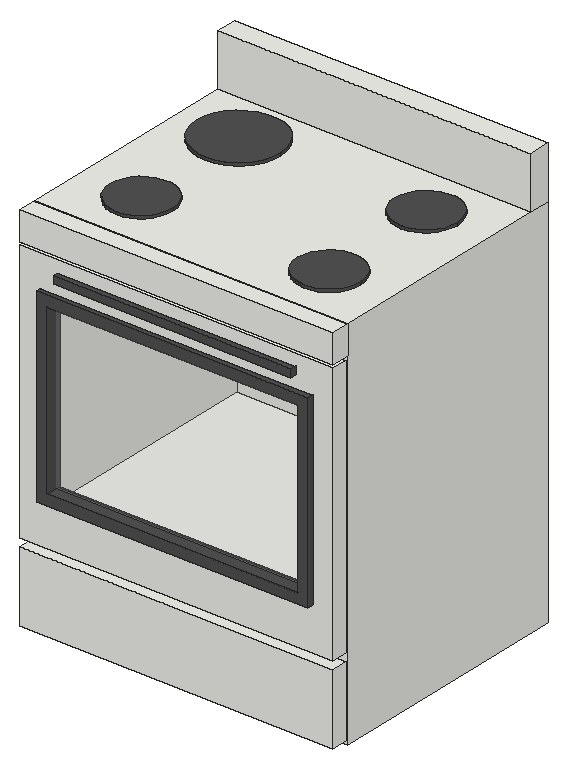
Revit family "Oven", category Specialty Equipment, Revit 2016
Family settings
  Part Type = Normal
  Round Connector Dimension = Use Diameter
  Work Plane-Based = No
  Always vertical = Yes
  Cut with Voids When Loaded = No
  Shared = Yes
  Room Calculation Point = No
Parameters (values of type "760 x 650mm")
  Burner Material = Metal - Chrome
  Depth = 650.00 mm
  Range Material = Metal - Painted Finish - Ivory, Matte
  Width = 760.00 mm
Types (2, lengths in mm): name | Depth | Width
  610 x 610mm | 600.00 | 900.00
  760 x 650mm | 650.00 | 760.00
Reference planes
  plane 1: y = 0
  plane 2: z = 0
  plane 3: x = 0
  plane 4: y = 177.8
  plane 5: y = 472.2
  plane 6 "Top": z = 914.4
  plane 7: x = 607.6
  plane 8: x = 152.4
  plane 9: x = 760
  plane 10: y = 650
  plane 11: x = 380
  plane 12: z = 762
  plane 13: z = 304.8
  plane 14: x = 50.8
  plane 15: x = 709.2
  plane 16: y = 45
Forms (mm)
  Extrusion 1, solid, material "Metal - Painted Finish - Ivory, Matte" <- "Range Material"
    sketch origin (609.6, 0, 914.4) x (0, 0, -1) y (0, 1, 0)
      loop
        line (0, 650) -> (-127, 650) -> (-127, 599.2) -> (0, 599.2) -> (0, 650)
    from 150.4 to -609.6
  Extrusion 2, solid, material "Metal - Painted Finish - Ivory, Matte" <- "Range Material"
    sketch origin (0, 650, 0) x (-1, 0, 0) y (0, 0, 1)
      loop
        line (0, 914.4) -> (-760, 914.4) -> (-760, 0) -> (0, 0) -> (0, 914.4)
      loop
        line (-25.4, 889.222) -> (-734.6, 889.222) -> (-734.6, 254) -> (-25.4, 254) -> (-25.4, 889.222)
    from 0 to -605
  Extrusion 3, solid, material "Metal - Painted Finish - Ivory, Matte" <- "Range Material"
    sketch origin (0, 0, 0) x (1, 0, 0) y (0, 0, 1)
      loop
        line (0, 838.422) -> (0, 203.2) -> (760, 203.2) -> (760, 838.422) -> (0, 838.422)
      loop
        line (50.8, 762) -> (50.8, 304.8) -> (709.2, 304.8) -> (709.2, 762) -> (50.8, 762)
      loop
        line (0, 184.15) -> (0, 12.7) -> (760, 12.7) -> (760, 184.15) -> (0, 184.15)
    from 0 to -38.1
  Extrusion 4, solid, material "Metal - Painted Finish - Ivory, Matte"
    sketch origin (0, 650, 0) x (-1, 0, 0) y (0, 0, 1)
      loop
        line (-734.6, 889.222) -> (-734.6, 254) -> (-25.4, 254) -> (-25.4, 889.222) -> (-734.6, 889.222)
    from 0 to -25.4
  Extrusion 5, solid, material "Metal - Chrome" <- "Burner Material"
    sketch origin (0, 0, 914.4) x (1, 0, 0) y (0, -1, 0)
      loop
        circle (152.4, -472.2) r 101.6
      loop
        circle (607.6, -472.2) r 76.2
      loop
        circle (607.6, -177.8) r 76.2
      loop
        circle (152.4, -177.8) r 76.2
    from 0 to -6.35
  Extrusion 6, solid, material "Metal - Chrome" <- "Burner Material"
    sketch origin (0, 0, 0) x (1, 0, 0) y (0, 0, 1)
      loop
        line (50.8, 762) -> (50.8, 304.8) -> (709.2, 304.8) -> (709.2, 762) -> (50.8, 762)
      loop
        line (76.2, 736.6) -> (76.2, 330.2) -> (683.8, 330.2) -> (683.8, 736.6) -> (76.2, 736.6)
    from -25.4 to 12.7
  Extrusion 7, solid, material "Metal - Painted Finish - Ivory, Matte" <- "Range Material"
    sketch origin (0, 0, 0) x (1, 0, 0) y (0, 0, 1)
      loop
        line (0, 914.4) -> (0, 844.772) -> (760, 844.772) -> (760, 914.4) -> (0, 914.4)
    from 0 to -45
  Extrusion 8, solid, material "Glass"
    sketch origin (0, 0, 0) x (1, 0, 0) y (0, 0, 1)
      loop
        line (76.2, 736.6) -> (76.2, 330.2) -> (683.8, 330.2) -> (683.8, 736.6) -> (76.2, 736.6)
    from -12.7 to -19.05
  Extrusion 9, solid, material "Metal - Chrome" <- "Burner Material"
    sketch origin (0, 0, 0) x (1, 0, 0) y (0, 0, 1)
      loop
        line (91.687, 810.327) -> (91.687, 791.277) -> (667.925, 791.277) -> (667.925, 810.327) -> (91.687, 810.327)
    from 0 to 12.7
Lines and regions (mm)
  Masking region 1
    outline origin (0, 0, 0) x (1, 0, 0) y (0, 1, 0)
      loop
        line (0, 0) -> (760, 0) -> (760, 650) -> (0, 650) -> (0, 0)
  symbolic lines, style "SpecialityEquipment"
    curve 1: arc (254, 472.2, 0) -> (152.4, 573.8, 0) -> (50.8, 472.2, 0) r 101.6
    curve 2: arc (50.8, 472.2, 0) -> (152.4, 370.6, 0) -> (254, 472.2, 0) r 101.6
    curve 3: arc (228.6, 177.8, 0) -> (152.4, 254, 0) -> (76.2, 177.8, 0) r 76.2
    curve 4: arc (76.2, 177.8, 0) -> (152.4, 101.6, 0) -> (228.6, 177.8, 0) r 76.2
    curve 5: arc (683.8, 177.8, 0) -> (607.6, 254, 0) -> (531.4, 177.8, 0) r 76.2
    curve 6: arc (531.4, 177.8, 0) -> (607.6, 101.6, 0) -> (683.8, 177.8, 0) r 76.2
    curve 7: arc (683.8, 472.2, 0) -> (607.6, 548.4, 0) -> (531.4, 472.2, 0) r 76.2
    curve 8: arc (531.4, 472.2, 0) -> (607.6, 396, 0) -> (683.8, 472.2, 0) r 76.2
  model lines
    curve 9: line (50.8, 0, 762) -> (709.2, 0, 762)
    curve 10: line (50.8, 0, 762) -> (50.8, 0, 304.8)
    curve 11: line (50.8, 0, 304.8) -> (709.2, 0, 304.8)
    curve 12: line (709.2, 0, 762) -> (709.2, 0, 304.8)
  symbolic lines
    curve 13: line (0, 599.2, 0) -> (760, 599.2, 0)
Dimensions and locks
  "Depth": plane 10 to plane 1
  "Width": plane 9 to plane 3
  plane 8 to plane 3 = 152.40 mm
  plane 9 to plane 7 = 152.40 mm
  plane 10 to plane 5 = 177.80 mm
  plane 4 to plane 1 = 177.80 mm
  equal spacing: plane 3, plane 11, plane 9
  plane 14 to plane 3 = 50.80 mm
  plane 15 to plane 9 = 50.80 mm
  plane 12 to plane 13 = 457.20 mm
  plane 6 "Top" to plane 12 = 152.40 mm
  locked: plane 1 to plane 16 at 45
  aligned and locked: Extrusion 1 to plane 3
  aligned and locked: plane 14 to curve 9
  aligned and locked: plane 12 to curve 9
  aligned and locked: plane 13 to curve 12
  aligned and locked: plane 15 to curve 12
  aligned and locked: Extrusion 2 to Extrusion 7
  aligned and locked: plane 9 to Extrusion 1
  aligned and locked: plane 16 to Extrusion 7
Automatic sketch dimensions
  plane 3 to curve 1 = 50.80 mm
  curve 1 to plane 5 = 0.00 mm
  curve 3 to plane 4 = 0.00 mm
  curve 5 to plane 4 = 0.00 mm
  curve 7 to plane 5 = 0.00 mm
  plane 3 to curve 3 = 76.20 mm
  plane 3 to curve 3 = 228.60 mm
  plane 3 to curve 2 = 254.00 mm
  curve 6 to plane 7 = 0.00 mm
  curve 5 to curve 5 = 76.20 mm
  curve 7 to plane 7 = 76.20 mm
  curve 8 to plane 7 = 0.00 mm
  Extrusion 1 sketch curve to plane 10 = 50.80 mm
  Extrusion 1 sketch curve to plane 6 "Top" = 127.00 mm
  Extrusion 1 sketch curve to plane 6 "Top" = 0.00 mm
  Extrusion 1 sketch curve to plane 10 = 0.00 mm
  Extrusion 4 sketch curve to plane 9 = 25.40 mm
  plane 3 to Extrusion 4 sketch curve = 25.40 mm
  plane 13 to Extrusion 4 sketch curve = 50.80 mm
  plane 6 "Top" to Extrusion 4 sketch curve = 25.178 mm
  Extrusion 2 sketch curve to plane 6 "Top" = 0.00 mm
  Extrusion 2 sketch curve to plane 9 = 0.00 mm
  Extrusion 2 sketch curve to level = 0.00 mm
  Extrusion 2 sketch curve to plane 3 = 0.00 mm
  Extrusion 2 sketch curve to plane 9 = 25.40 mm
  plane 3 to Extrusion 2 sketch curve = 25.40 mm
  plane 13 to Extrusion 2 sketch curve = 50.80 mm
  plane 6 "Top" to Extrusion 2 sketch curve = 25.178 mm
  Extrusion 5 sketch curve to plane 4 = 0.00 mm  (x2)
  Extrusion 5 sketch curve to plane 5 = 0.00 mm  (x2)
  Extrusion 5 sketch curve to plane 8 = 0.00 mm  (x2)
  Extrusion 5 sketch curve to plane 7 = 0.00 mm  (x2)
  Extrusion 5 sketch curve to plane 14 = 25.40 mm
  plane 14 to Extrusion 5 sketch curve = 0.00 mm
  Extrusion 5 sketch curve to plane 7 = 76.20 mm  (x2)
  Extrusion 6 sketch curve to plane 12 = 0.00 mm
  Extrusion 6 sketch curve to plane 14 = 0.00 mm
  Extrusion 6 sketch curve to plane 13 = 0.00 mm
  Extrusion 6 sketch curve to plane 15 = 0.00 mm
  Extrusion 6 sketch curve to plane 14 = 25.40 mm
  plane 15 to Extrusion 6 sketch curve = 25.40 mm
  Extrusion 6 sketch curve to plane 13 = 25.40 mm
  plane 12 to Extrusion 6 sketch curve = 25.40 mm
  Extrusion 3 sketch curve to plane 3 = 0.00 mm  (x2)
  Extrusion 3 sketch curve to plane 12 = 0.00 mm
  Extrusion 3 sketch curve to plane 14 = 0.00 mm
  Extrusion 3 sketch curve to plane 15 = 0.00 mm
  Extrusion 3 sketch curve to plane 9 = 0.00 mm  (x2)
  Extrusion 3 sketch curve to plane 13 = 0.00 mm
  Extrusion 3 sketch curve to Extrusion 3 sketch curve = 101.60 mm
  Extrusion 3 sketch curve to Extrusion 3 sketch curve = 19.05 mm
  level to Extrusion 3 sketch curve = 12.70 mm
  plane 6 "Top" to Extrusion 3 sketch curve = 75.978 mm
  Extrusion 7 sketch curve to plane 3 = 0.00 mm
  Extrusion 7 sketch curve to plane 9 = 0.00 mm
  Extrusion 7 sketch curve to plane 6 "Top" = 0.00 mm
  plane 6 "Top" to Extrusion 7 sketch curve = 69.628 mm
  Extrusion 8 sketch curve to plane 13 = 25.40 mm
  plane 3 to Extrusion 8 sketch curve = 76.20 mm
  plane 7 to Extrusion 8 sketch curve = 76.20 mm
  plane 12 to Extrusion 8 sketch curve = 25.40 mm
  Extrusion 9 sketch curve to plane 12 = 29.277 mm
  plane 3 to Extrusion 9 sketch curve = 91.687 mm
  plane 7 to Extrusion 9 sketch curve = 60.325 mm
  Extrusion 9 sketch curve to Extrusion 9 sketch curve = 19.05 mm
  Masking region 1 sketch curve to plane 3 = 0.00 mm
  Masking region 1 sketch curve to plane 9 = 0.00 mm
  Masking region 1 sketch curve to plane 1 = 0.00 mm
  Masking region 1 sketch curve to plane 10 = 0.00 mm
  curve 13 to plane 3 = 0.00 mm
  curve 13 to plane 9 = 0.00 mm
  curve 13 to plane 10 = 50.80 mm
